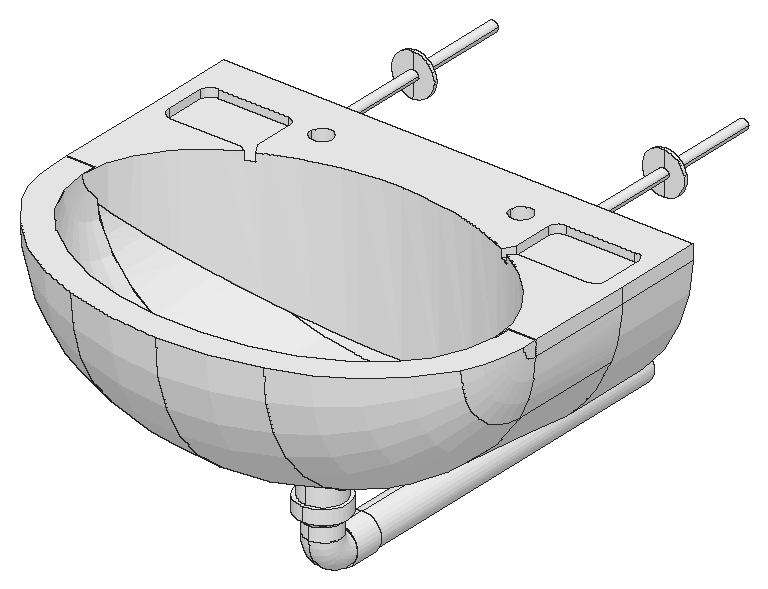
Revit family "NBS_WallgateLtd_WlHngWshBsns_SHB-05", category Plumbing Fixtures, Revit 2014
Parameters
  Weight = "16.0 kg"
  WaterSupplyOverflowAndWasteHolesWaterSupply = "n/a"
  WaterSupplyOverflowAndWasteHolesWaste = "n/a"
  WaterSupplyOverflowAndWasteHolesOverflow = "n/a"
  WastePipeRequired [instance] = yes
  WashHandBasinType = "HandRinse"
  WashHandBasinMounting = "WallHung"
  WashBasinMaterial = NBS_Concept
  WarrantyStartDate [instance] = "1900-12-31T23:59:59"
  WarrantyGuarantorParts = "n/a"
  WarrantyGuarantorLabor = "n/a"
  WarrantyDurationUnit = "year"
  WarrantyDurationParts = "1"
  WarrantyDurationLabor = "n/a"
  WarrantyDescription = "n/a"
  WallThicknessOptions = "<150 mm"
  WallThicknessCalc [instance] = if(WallThickness > MaximumWallThickness, MaximumWallThickness, WallThickness)  # 100 mm
  WallThickness [instance] = 100 mm
  Version = "1"  # constant formula
  Uniclass2 = "45-31-79/494"
  TagNumber [instance] = "n/a"
  SustainabilityPerformance = "n/a"
  SurfaceSpreadOfFlame = "Class 0 (BS 476-6), Class 1 (BS 476-7)"
  Standard = "BS EN 14688"
  Size = "470 x 380 x 201 mm"
  Shape = "n/a"
  SerialNumber [instance] = "n/a"
  Revision = "n/a"
  ReplacementCost = "n/a"
  ProductInformation = "www.wallgate.com/products/wash-basins/shb-basin-range"
  NominalWidth = 470 mm
  NominalLength = 0 mm
  NominalHeight = 201 mm
  NominalDepth = 380 mm
  Name = "WallHungWashBasins_SHB-05_WallgateLtd"
  NBSTypeID = "n/a"
  NBSReference = "45-35-70/369"
  NBSOfficeMasterTag = "n/a"
  NBSNote = "n/a"
  NBSDescription = "Wall hung wash basins"
  NBSCertification = "www.nationalbimlibrary.com/cert/ayemhdxw"
  ModelReference = "n/a"
  ModelNumber = "SHB-05"
  MaximumWallThickness [instance] = 150 mm
  Material = "High-grade solid surface"
  ManufacturerURL = "www.wallgate.com"
  ManufacturerName = "Wallgate Ltd"  # constant formula
  Manufacturer = "sales@wallgate.com"
  IntegralAccessoryOptions = "WT38 Tap Ware, BWN Deck Mounted Basin Water Nozzle, WDC Electronic Controllers, PBA Piezo Touch Buttons, PBA-IR Infra-Red Activation Sensors, WVPB Basin Water Valve Pack, MV0001 Thermostatic Mixer Valve, MBS Manifold"
  IntegralAccessories = "Two tapholes"
  InstallationDate [instance] = "1900-12-31T23:59:59"
  IfcExportType = "WASHHANDBASIN"  # constant formula
  IfcExportAs = "IfcSanitaryTerminalType"  # constant formula
  Grade = "n/a"
  Form = "Wall hung wash basin"
  FixingMaterial = NBS_Concept
  Finish = "n/a"
  Features = "Hygienic and easily cleaned, highly vandal-resistant"
  ExpectedLife = "n/a"
  DurationUnit = "year"
  Durability = "Compliant to Grade 5"
  DrainSize = 32 mm
  Description = "Anti-vandal solid surface basin with through wall fixings"
  Constituents = "n/a"
  ConnectingDimensions = "To BS EN 31"
  ColourOptions = "MA - Thames, MAH - Frost, MAW - White, MC - Bluestone, MCA - Aubergine, MCB - Diamantina, MCC - Black, MCD - Orange, MCE - Pink, MO - Slate, MS - Hyco, MCJ - Light Grey, MCF - NHS Blue"
  Color = "n/a"
  CodePerformance = "n/a"
  Category = "n/a"
  BarCode [instance] = "n/a"
  BIMObjectName = "NBS_WallgateLtd_WallHungWashBasins_SHB-05"
  Author = "NBS"  # constant formula
  AssetType = "Fixed"
  AssetIdentifier [instance] = "n/a"
  AccessibilityPerformance = "n/a"
Reference planes
  plane 1 "Center (Front/Back)": y = 0
  plane 2: z = 0
  plane 3 "Center (Left/Right)": x = 0
  plane 4: y = 100
  plane 5: y = 110.88
  plane 6: y = -46.5
Forms (mm)
  Extrusion 1, solid, material "NBS_Concept" <- "WashBasinMaterial"
    sketch origin (0, 0, 0) x (1, 0, 0) y (0, 0, 1)
      loop
        arc (-159.983, -150) -> (-112.327, -167.658) -> (-62.581, -178.058) r 341.994
        arc (-62.581, -178.058) -> (0, -182.186) -> (62.581, -178.058) r 476.444
        arc (62.581, -178.058) -> (112.327, -167.658) -> (159.983, -150) r 341.994
        arc (159.983, -150) -> (214.168, -92.078) -> (234.995, -15.545) r 164.695
        line (234.995, -15.545) -> (234.983, 0) -> (207.508, 0) -> (207.508, -15.5)
        spline (207.508, -15.5) -> (200.437, -51.734) -> (179.708, -85.498) -> (146.733, -114.493) -> (103.76, -136.741) -> (53.716, -150.726) -> (0.012, -155.496) -> (-53.692, -150.726) -> (-103.736, -136.741) -> (-146.709, -114.493) -> (-179.683, -85.498) -> (-200.413, -51.734) -> (-207.483, -15.5)
        line (-207.483, -15.5) -> (-207.483, 0) -> (-234.983, 0) -> (-234.995, -15.545)
        arc (-234.995, -15.545) -> (-214.168, -92.078) -> (-159.983, -150) r 164.695
    from 0 to 89.452
  Revolve 2, solid, material "NBS_Concept" <- "WashBasinMaterial"
    sketch origin (0, 0, 0) x (1, 0, 0) y (0, 1, 0)
      loop
        arc (-220.157, -271.886) -> (-167.211, -330.401) -> (-96.369, -365.168) r 209.421
        arc (-96.369, -365.168) -> (-48.741, -376.169) -> (0, -379.875) r 323.749
        arc (0, -379.875) -> (48.741, -376.169) -> (96.369, -365.168) r 323.749
        arc (96.369, -365.168) -> (167.211, -330.401) -> (220.157, -271.886) r 209.421
        arc (220.157, -271.886) -> (230.915, -243.025) -> (234.995, -212.496) r 137.853
        line (234.995, -212.496) -> (234.995, -196.996) -> (207.508, -196.996) -> (207.508, -212.496)
        spline (207.508, -212.496) -> (200.438, -248.729) -> (179.709, -282.494) -> (146.734, -311.488) -> (103.76, -333.737) -> (53.716, -347.722) -> (0.012, -352.493) -> (-53.692, -347.722) -> (-103.736, -333.737) -> (-146.709, -311.488) -> (-179.684, -282.494) -> (-200.413, -248.729) -> (-207.483, -212.496)
        line (-207.483, -212.496) -> (-207.483, -196.996) -> (-234.995, -196.996) -> (-234.995, -212.496)
        arc (-234.995, -212.496) -> (-230.915, -243.025) -> (-220.157, -271.886) r 137.853
      axis (234.995, -196.996) -> (-234.995, -196.996)
    angle from 0 to 90
  Blend 3, solid, material "NBS_Concept" <- "WashBasinMaterial"
    base sketch origin (0, 0, 0) x (-1, 0, 0) y (0, 0, 1)
      loop
        arc (-234.995, -15.545) -> (-231.851, -44.074) -> (-223.802, -71.623) r 164.695
        arc (-223.802, -71.623) -> (-198.054, -115.828) -> (-159.983, -150) r 164.695
        arc (-159.983, -150) -> (-112.327, -167.658) -> (-62.581, -178.058) r 341.994
        arc (-62.581, -178.058) -> (0, -182.186) -> (62.581, -178.058) r 476.444
        arc (62.581, -178.058) -> (112.327, -167.658) -> (159.983, -150) r 341.994
        arc (159.983, -150) -> (214.168, -92.078) -> (234.995, -15.545) r 164.695
        line (234.995, -15.545) -> (234.983, 0) -> (207.483, 0) -> (207.483, -15.5)
        spline (207.483, -15.5) -> (200.413, -51.734) -> (179.683, -85.498) -> (146.709, -114.493) -> (103.736, -136.741) -> (53.692, -150.726) -> (-0.012, -155.496) -> (-53.716, -150.726) -> (-103.76, -136.741) -> (-146.733, -114.493) -> (-179.708, -85.498) -> (-200.437, -51.734) -> (-207.508, -15.5)
        line (-207.508, -15.5) -> (-207.508, 0) -> (-234.983, 0) -> (-234.995, -15.545)
    top sketch origin (0, 0, 0) x (-1, 0, 0) y (0, 0, 1)
      loop
        line (-234.995, 0) -> (-234.995, -15.5)
        arc (-234.995, -15.5) -> (-230.915, -46.029) -> (-220.157, -74.891) r 137.853
        arc (-220.157, -74.891) -> (-167.211, -133.405) -> (-96.369, -168.172) r 209.421
        arc (-96.369, -168.172) -> (-48.741, -179.173) -> (0, -182.879) r 323.749
        arc (0, -182.879) -> (48.741, -179.173) -> (96.369, -168.172) r 323.749
        arc (96.369, -168.172) -> (167.211, -133.405) -> (220.157, -74.891) r 209.421
        arc (220.157, -74.891) -> (230.915, -46.029) -> (234.995, -15.5) r 137.853
        line (234.995, -15.5) -> (234.995, 0) -> (207.483, 0) -> (207.483, -15.5)
        spline (207.483, -15.5) -> (200.413, -51.734) -> (179.683, -85.498) -> (146.709, -114.493) -> (103.736, -136.741) -> (53.692, -150.726) -> (-0.012, -155.496) -> (-53.716, -150.726) -> (-103.76, -136.741) -> (-146.733, -114.493) -> (-179.708, -85.498) -> (-200.437, -51.734) -> (-207.508, -15.5)
        line (-207.508, -15.5) -> (-207.508, 0) -> (-234.995, 0)
    from -89.452 to -196.996
  Extrusion 4, solid, material "NBS_Concept" <- "WashBasinMaterial"
    sketch origin (0, 0, 0) x (1, 0, 0) y (0, 1, 0)
      loop
        line (207.508, -212.496) -> (207.508, -196.996) -> (207.508, 0) -> (-207.483, 0) -> (-207.483, -196.996) -> (-207.483, -212.496)
        spline (-207.483, -212.496) -> (-200.413, -176.262) -> (-179.684, -142.497) -> (-146.709, -113.503) -> (-103.736, -91.255) -> (-53.692, -77.269) -> (0.012, -72.498) -> (53.716, -77.269) -> (103.76, -91.255) -> (146.734, -113.503) -> (179.709, -142.497) -> (200.438, -176.262) -> (207.508, -212.496)
    from -186.043 to 0
  Extrusion 5, void
    sketch origin (0, 0, 0) x (1, 0, 0) y (0, 0, 1)
      loop
        line (-207.483, -186.043) -> (207.508, -186.043) -> (207.508, -75)
        arc (207.508, -75) -> (0.012, -167.5) -> (-207.483, -75) r 278.977
        line (-207.483, -75) -> (-207.483, -186.043)
    from 0 to 250
  Extrusion 6, void
    sketch origin (0, 0, 0) x (1, 0, 0) y (0, 1, 0)
      loop
        line (-129.528, -89.531) -> (-129.528, -50.318)
        arc (-129.528, -50.318) -> (-132.147, -42.743) -> (-139.488, -39.524) r 10
        line (-139.488, -39.524) -> (-208.373, -39.524)
        arc (-208.373, -39.524) -> (-216.154, -42.002) -> (-219.494, -49.453) r 10
        line (-219.494, -49.453) -> (-219.494, -88.667)
        arc (-219.494, -88.667) -> (-216.875, -96.242) -> (-209.534, -99.46) r 10
        line (-209.534, -99.46) -> (-139.535, -99.46) -> (-124.429, -109.524)
        spline (-124.429, -109.524) -> (-123.995, -109.295) -> (-123.56, -109.066) -> (-123.125, -108.838) -> (-122.688, -108.611) -> (-122.251, -108.385) -> (-121.813, -108.16) -> (-121.374, -107.935) -> (-120.934, -107.711) -> (-120.493, -107.488) -> (-120.051, -107.266) -> (-119.609, -107.045) -> (-119.165, -106.824)
        line (-119.165, -106.824) -> (-129.528, -89.531)
      loop
        spline (118.259, -108.377) -> (118.636, -108.564) -> (119.013, -108.752) -> (119.389, -108.941) -> (119.764, -109.13) -> (120.139, -109.319) -> (120.513, -109.51) -> (120.886, -109.701) -> (121.259, -109.892) -> (121.631, -110.084) -> (122.002, -110.276) -> (122.373, -110.469) -> (122.743, -110.663)
        line (122.743, -110.663) -> (139.56, -99.46) -> (209.558, -99.46)
        arc (209.558, -99.46) -> (216.899, -96.242) -> (219.519, -88.667) r 10
        line (219.519, -88.667) -> (219.519, -49.453)
        arc (219.519, -49.453) -> (216.178, -42.002) -> (208.397, -39.524) r 10
        line (208.397, -39.524) -> (139.512, -39.524)
        arc (139.512, -39.524) -> (132.171, -42.743) -> (129.552, -50.318) r 10
        line (129.552, -50.318) -> (129.552, -89.531) -> (118.259, -108.377)
    from 0 to -8
  Revolve 7, void
    sketch origin (0, 0, 0) x (0, 1, 0) y (0, 0, 1)
      loop
        line (-170, -154.061) -> (-170, -201.043) -> (-147, -201.043) -> (-147, -154.061) -> (-170, -154.061)
      axis (-170, -154.061) -> (-170, -201.043)
    angle from 0 to 360
  Revolve 8, solid, material "NBS_Concept" <- "FixingMaterial", visible <- "WastePipeRequired"
    sketch origin (0, 0, 0) x (0, 1, 0) y (0, 0, 1)
      loop
        line (-149, -233.051) -> (-149, -175.846) -> (-170, -175.846) -> (-170, -266.88) -> (-152.5, -266.88) -> (-152.5, -251.051) -> (-150.25, -251.051)
        arc (-150.25, -251.051) -> (-149.189, -250.611) -> (-148.75, -249.551) r 1.5
        line (-148.75, -249.551) -> (-148.75, -246.801) -> (-145, -246.801) -> (-145, -233.051) -> (-149, -233.051)
      axis (-170, -175.846) -> (-170, -266.88)
    angle from 0 to 360
  Revolve 9, solid, material "NBS_Concept" <- "FixingMaterial", visible <- "WastePipeRequired"
    sketch origin (0, 0, 0) x (0, 1, 0) y (0, 0, 1)
      loop
        line (223.082, -270.5) -> (-120.833, -270.5) -> (-120.833, -269.25) -> (-149.167, -269.25) -> (-149.167, -288) -> (223.082, -288) -> (223.082, -270.5)
      axis (223.082, -288) -> (-149.167, -288)
    angle from 0 to 360
  Sweep 10, solid, material "NBS_Concept" <- "FixingMaterial", visible <- "WastePipeRequired"
    path origin (0, 0, 0) x (0, 1, 0) y (0, 0, 1)
      loop
        arc (-149.167, -288) -> (-164.101, -281.814) -> (-170.287, -266.88) r 21.12
    profile origin (0, -170.287, -266.88) x (0, -1, 0) y (1, 0, 0)
      loop
        circle (-0.287, 0) r 17.5
  Extrusion 11, solid, material "NBS_Concept" <- "FixingMaterial"
    sketch origin (234.995, 0, 0) x (-1, 0, 0) y (0, 0, 1)
      loop
        circle (109.517, -19) r 5
      loop
        circle (360.507, -19) r 5
      loop
        circle (234.012, -155.5) r 5
    from 0 to 200
  Revolve 12, solid, material "NBS_Concept" <- "FixingMaterial", detail levels fine
    sketch origin (-125.512, -50, 6) x (0, 1, 0) y (0, 0, 1)
      loop
        line (160.88, -33.5) -> (160.88, -30) -> (150, -30) -> (150, -46.25) -> (152.72, -46.25) -> (152.72, -33.5) -> (160.88, -33.5)
      axis (160.88, -25) -> (150, -25)
    angle from 0 to 360
  Revolve 13, solid, material "NBS_Concept" <- "FixingMaterial", detail levels fine
    sketch origin (125.478, -50, 6) x (0, 1, 0) y (0, 0, 1)
      loop
        line (160.88, -33.5) -> (160.88, -30) -> (150, -30) -> (150, -46.25) -> (152.72, -46.25) -> (152.72, -33.5) -> (160.88, -33.5)
      axis (160.88, -25) -> (150, -25)
    angle from 0 to 360
  Revolve 14, solid, material "NBS_Concept" <- "FixingMaterial", detail levels fine
    sketch origin (0.983, -50, -130.5) x (0, 1, 0) y (0, 0, 1)
      loop
        line (160.88, -33.5) -> (160.88, -30) -> (150, -30) -> (150, -46.25) -> (152.72, -46.25) -> (152.72, -33.5) -> (160.88, -33.5)
      axis (160.88, -25) -> (150, -25)
    angle from 0 to 360
  Blend 15, solid, material "NBS_Concept" <- "WashBasinMaterial"
    base sketch origin (0, -170, -201.043) x (1, 0, 0) y (0, 0, -1)
      loop
        line (38.704, -7.061) -> (-38.704, -7.061)
        arc (-38.704, -7.061) -> (-49.052, -17.408) -> (-62.581, -22.985) r 37.35
        line (-62.581, -22.985) -> (-62.581, -44.982) -> (62.581, -44.982) -> (62.581, -22.985)
        arc (62.581, -22.985) -> (49.052, -17.408) -> (38.704, -7.061) r 37.35
    top sketch origin (0, -170, -201.043) x (1, 0, 0) y (0, 0, -1)
      loop
        line (62.581, -44.982) -> (62.581, -22.985)
        arc (62.581, -22.985) -> (49.052, -17.408) -> (38.704, -7.061) r 37.35
        line (38.704, -7.061) -> (35, 0) -> (-35, 0) -> (-38.704, -7.061)
        arc (-38.704, -7.061) -> (-49.052, -17.408) -> (-62.581, -22.985) r 37.35
        line (-62.581, -22.985) -> (-62.581, -44.982) -> (62.581, -44.982)
    from 170 to 0
  Revolve 16, solid, material "NBS_Concept" <- "WashBasinMaterial"
    sketch origin (0, -170, -201.043) x (1, 0, 0) y (0, 0, -1)
      loop
        line (23, 0) -> (23, -18.989)
        arc (23, -18.989) -> (42.872, -21.029) -> (62.581, -24.29) r 323.749
        line (62.581, -24.29) -> (62.581, -22.985)
        arc (62.581, -22.985) -> (49.052, -17.408) -> (38.704, -7.061) r 37.35
        line (38.704, -7.061) -> (35, 0) -> (23, 0)
      axis (0, -24.29) -> (0, 0)
    angle from 180 to 0
  Extrusion 17, void
    sketch origin (0, 0, 0) x (1, 0, 0) y (0, 1, 0)
      loop
        circle (-100, -46.5) r 11
      loop
        circle (100, -46.5) r 11
    from -233.051 to 0
Cuts and joins
  Extrusion 6, Revolve 7, Extrusion 17 cuts Extrusion 1
  Extrusion 6, Revolve 7, Extrusion 17 cuts Blend 3
  Extrusion 5, Extrusion 6, Revolve 7, Extrusion 17 cuts Extrusion 4
  Revolve 7, Extrusion 17 cuts Blend 15
  Extrusion 17 cuts Revolve 16
  joined: Extrusion 1, Blend 3, Extrusion 4, Blend 15, Revolve 16
  joined: Revolve 8, Revolve 9, Sweep 10
  joined: Revolve 12, Revolve 13, Revolve 14
Lines and regions (mm)
  Masking region 1
    outline origin (-755.012, 0, 0) x (1, 0, 0) y (0, 1, 0)
      loop
        line (520.017, 0) -> (520.017, -212.496)
        spline (520.017, -212.496) -> (528.024, -255.847) -> (551.5, -296.244) -> (588.846, -330.933) -> (637.515, -357.552) -> (694.191, -374.285) -> (755.012, -379.992) -> (815.833, -374.285) -> (872.51, -357.552) -> (921.179, -330.933) -> (958.524, -296.244) -> (982, -255.847) -> (990.007, -212.496)
        line (990.007, -212.496) -> (990.007, 0) -> (520.017, 0)
      loop
        circle (655.012, -46.5) r 11
      loop
        circle (855.012, -46.5) r 11
  Masking region 2
    outline origin (0, 0, -620) x (0, 1, 0) y (0, 0, 1)
      loop
        line (0, 620) -> (-364.875, 620)
        arc (-364.875, 620) -> (-376.135, 614.909) -> (-379.753, 603.092) r 15
        spline (-379.753, 603.092) -> (-375.628, 585.669) -> (-369.597, 568.596) -> (-361.715, 552.03) -> (-352.055, 536.123) -> (-340.706, 521.021) -> (-327.771, 506.864) -> (-313.37, 493.78) -> (-297.635, 481.892) -> (-280.71, 471.306) -> (-262.752, 462.122) -> (-243.924, 454.423) -> (-224.401, 448.281)
        arc (-224.401, 448.281) -> (-210.436, 436.44) -> (-205, 418.957) r 32.778
        line (-205, 418.957) -> (-135.939, 418.957) -> (0, 426.081) -> (0, 620)
  Masking region 3
    outline origin (-770, 0, 0) x (1, 0, 0) y (0, 0, 1)
      loop
        line (1004.983, 0) -> (535.017, 0)
        arc (535.017, 0) -> (552.099, -85.209) -> (610.017, -150) r 165.415
        arc (610.017, -150) -> (657.673, -167.658) -> (707.419, -178.058) r 341.994
        arc (707.419, -178.058) -> (724.16, -186.036) -> (735, -201.082) r 37.35
        line (735, -201.082) -> (805, -201.082)
        arc (805, -201.082) -> (815.84, -186.036) -> (832.581, -178.058) r 37.35
        arc (832.581, -178.058) -> (882.327, -167.658) -> (929.983, -150) r 341.994
        arc (929.983, -150) -> (952.734, -132.237) -> (972.051, -110.789) r 165.415
        arc (972.051, -110.789) -> (998.508, -58.365) -> (1004.983, 0) r 165.415
  symbolic lines
    curve 1: arc (-62.564, 0, -178.058) -> (0.017, 0, -181.607) -> (62.598, 0, -178.058) r 553.559
    curve 2: arc (0, -364.875, 0) -> (0, -376.135, -5.091) -> (0, -379.753, -16.908) r 15
  symbolic lines, style "PlumbingFixtures"
    curve 3: spline (-207.496, -212.496, 0) -> (-200.425, -248.729, 0) -> (-179.697, -282.494, 0) -> (-146.722, -311.488, 0) -> (-103.748, -333.737, 0) -> (-53.704, -347.722, 0) -> (0, -352.493, 0) -> (53.704, -347.722, 0) -> (103.748, -333.737, 0) -> (146.722, -311.488, 0) -> (179.697, -282.494, 0) -> (200.425, -248.729, 0) -> (207.496, -212.496, 0) -> (200.425, -176.262, 0) -> (179.697, -142.497, 0) -> (146.722, -113.503, 0) -> (103.748, -91.255, 0) -> (53.704, -77.269, 0) -> (0, -72.498, 0) -> (-53.704, -77.269, 0) -> (-103.748, -91.255, 0) -> (-146.722, -113.503, 0) -> (-179.697, -142.497, 0) -> (-200.425, -176.262, 0) -> (-207.496, -212.496, 0)
    curve 4: arc (-129.54, -50.318, 0) -> (-132.159, -42.743, 0) -> (-139.5, -39.524, 0) r 10
    curve 5: arc (-208.385, -39.524, 0) -> (-216.166, -42.002, 0) -> (-219.506, -49.453, 0) r 10
    curve 6: arc (-219.506, -88.667, 0) -> (-216.887, -96.242, 0) -> (-209.546, -99.46, 0) r 10
    curve 7: arc (129.54, -50.318, 0) -> (132.159, -42.743, 0) -> (139.5, -39.524, 0) r 10
    curve 8: arc (208.385, -39.524, 0) -> (216.166, -42.002, 0) -> (219.506, -49.453, 0) r 10
    curve 9: arc (219.506, -88.667, 0) -> (216.887, -96.242, 0) -> (209.546, -99.46, 0) r 10
    curve 10: line (-123.322, -99.907, 0) -> (-129.54, -89.531, 0)
    curve 11: line (-129.54, -89.531, 0) -> (-129.54, -50.318, 0)
    curve 12: line (-139.5, -39.524, 0) -> (-208.385, -39.524, 0)
    curve 13: line (-219.506, -49.453, 0) -> (-219.506, -88.667, 0)
    curve 14: line (-209.546, -99.46, 0) -> (-139.547, -99.46, 0)
    curve 15: line (-139.547, -99.46, 0) -> (-132.007, -104.483, 0)
    curve 16: line (123.322, -99.907, 0) -> (129.54, -89.531, 0)
    curve 17: line (129.54, -89.531, 0) -> (129.54, -50.318, 0)
    curve 18: line (139.5, -39.524, 0) -> (208.385, -39.524, 0)
    curve 19: line (219.506, -49.453, 0) -> (219.506, -88.667, 0)
    curve 20: line (209.546, -99.46, 0) -> (139.547, -99.46, 0)
    curve 21: line (139.547, -99.46, 0) -> (132.007, -104.483, 0)
    curve 22: spline (0, -224.401, -171.719) -> (0, -223.336, -172.004) -> (0, -222.27, -172.284) -> (0, -221.203, -172.559) -> (0, -220.134, -172.83) -> (0, -219.064, -173.096) -> (0, -217.992, -173.357) -> (0, -216.919, -173.614) -> (0, -215.845, -173.866) -> (0, -214.77, -174.113) -> (0, -213.693, -174.355) -> (0, -212.615, -174.593) -> (0, -211.536, -174.826)
    curve 23: arc (0, -211.536, -174.826) -> (0, -189.709, -180.105) -> (0, -167.322, -181.88) r 142.092
    curve 24: line (0, -167.322, -181.88) -> (0, 0, -180.954)
Dimensions and locks
  "WallThicknessCalc": plane 1 "Center (Front/Back)" to plane 4
  locked: Revolve 12 sketch curve to Revolve 12 sketch curve at 8.16
  locked: Revolve 12 sketch curve to Revolve 12 sketch curve at 2.72
  locked: Extrusion 11 to plane 1 "Center (Front/Back)" at 200  (x2)
  locked: Revolve 13 sketch curve to Revolve 13 sketch curve at 8.16
  locked: Revolve 13 sketch curve to Revolve 13 sketch curve at 2.72
  locked: plane 5 to plane 4 at 10.88
  locked: Revolve 14 sketch curve to Revolve 14 sketch curve at 8.16
  locked: Revolve 14 sketch curve to Revolve 14 sketch curve at 2.72
  locked: cut or joined group of Revolve 8, Revolve 9, Sweep 10 to plane 4 at 123.082
  locked: plane 6 to plane 1 "Center (Front/Back)" at 46.5
  Extrusion 17 sketch curve to plane 3 "Center (Left/Right)" = 100 mm
  plane 3 "Center (Left/Right)" to Extrusion 17 sketch curve = 100 mm
  aligned and locked: level to plane 2
  aligned and locked: Revolve 12 to plane 4
  aligned and locked: plane 5 to Revolve 12
  aligned and locked: plane 5 to Revolve 13
  aligned and locked: plane 5 to Revolve 14
  aligned and locked: level to Extrusion 17
Automatic sketch dimensions
  curve 1 to plane 3 "Center (Left/Right)" = 62.564 mm
  plane 3 "Center (Left/Right)" to curve 1 = 0.017 mm
  Extrusion 1 sketch curve to level = 0 mm  (x2)
  Extrusion 1 sketch curve to level = 15.545 mm  (x2)
  Extrusion 1 sketch curve to plane 3 "Center (Left/Right)" = 234.995 mm
  Extrusion 1 sketch curve to plane 3 "Center (Left/Right)" = 0 mm
  Extrusion 1 sketch curve to Extrusion 1 sketch curve = 0.012 mm  (x2)
  Extrusion 1 sketch curve to Extrusion 1 sketch curve = 27.499 mm
  plane 3 "Center (Left/Right)" to Extrusion 1 sketch curve = 207.508 mm
  Extrusion 1 sketch curve to Extrusion 1 sketch curve = 27.475 mm
  Extrusion 1 sketch curve to Extrusion 1 sketch curve = 47.501 mm
  Extrusion 1 sketch curve to level = 11.837 mm  (x2)
  Extrusion 1 sketch curve to plane 3 "Center (Left/Right)" = 62.581 mm
  Extrusion 1 sketch curve to Extrusion 1 sketch curve = 0 mm  (x2)
  Extrusion 1 sketch curve to plane 3 "Center (Left/Right)" = 17.66 mm
  plane 3 "Center (Left/Right)" to Extrusion 1 sketch curve = 17.66 mm
  plane 3 "Center (Left/Right)" to Extrusion 1 sketch curve = 62.581 mm
  plane 3 "Center (Left/Right)" to Extrusion 1 sketch curve = 70.342 mm
  Extrusion 1 sketch curve to level = 15.5 mm
  Revolve 2 sketch curve to plane 3 "Center (Left/Right)" = 234.995 mm
  Revolve 2 sketch curve to plane 3 "Center (Left/Right)" = 0 mm
  Revolve 2 sketch curve to Revolve 2 sketch curve = 27.512 mm
  plane 3 "Center (Left/Right)" to Revolve 2 sketch curve = 207.508 mm
  Revolve 2 sketch curve to Revolve 2 sketch curve = 27.487 mm
  Revolve 2 sketch curve to Revolve 2 sketch curve = 12.674 mm
  Revolve 2 sketch curve to plane 3 "Center (Left/Right)" = 97.172 mm
  Revolve 2 sketch curve to plane 3 "Center (Left/Right)" = 96.369 mm
  Revolve 2 sketch curve to plane 3 "Center (Left/Right)" = 41.178 mm
  Revolve 2 sketch curve to plane 3 "Center (Left/Right)" = 0.101 mm
  plane 3 "Center (Left/Right)" to Revolve 2 sketch curve = 0.101 mm
  plane 3 "Center (Left/Right)" to Revolve 2 sketch curve = 41.178 mm
  plane 3 "Center (Left/Right)" to Revolve 2 sketch curve = 96.369 mm
  Revolve 2 sketch curve to Revolve 2 sketch curve = 55.994 mm
  Revolve 2 sketch curve to Revolve 2 sketch curve = 1.276 mm
  Revolve 2 sketch curve to Revolve 2 sketch curve = 66.722 mm
  Revolve 2 sketch curve to Revolve 2 sketch curve = 14.707 mm  (x2)
  Blend 3 sketch curve to Extrusion 1 = 0 mm  (x10)
  Extrusion 1 to Blend 3 sketch curve = 0 mm  (x2)
  Blend 3 sketch curve to Extrusion 1 = 15.5 mm  (x3)
  Blend 3 sketch curve to Extrusion 1 = 27.487 mm
  Blend 3 sketch curve to Extrusion 1 = 27.512 mm
  Blend 3 sketch curve to Extrusion 1 = 12.649 mm
  Blend 3 sketch curve to Extrusion 1 = 12.616 mm  (x2)
  Extrusion 1 to Blend 3 sketch curve = 110.336 mm
  Extrusion 1 to Blend 3 sketch curve = 111.139 mm
  Extrusion 1 to Blend 3 sketch curve = 33.845 mm  (x2)
  Blend 3 sketch curve to Blend 3 sketch curve = 55.994 mm  (x2)
  Blend 3 sketch curve to Blend 3 sketch curve = 41.077 mm
  Blend 3 sketch curve to Blend 3 sketch curve = 96.369 mm  (x2)
  Blend 3 sketch curve to Blend 3 sketch curve = 0.203 mm
  Blend 3 sketch curve to Blend 3 sketch curve = 82.357 mm
  Blend 3 sketch curve to Extrusion 1 = 12.674 mm
  Blend 3 sketch curve to Blend 3 sketch curve = 15.5 mm
  Blend 3 sketch curve to Blend 3 sketch curve = 14.707 mm
  plane 1 "Center (Front/Back)" to Extrusion 4 sketch curve = 0 mm
  Extrusion 4 sketch curve to plane 3 "Center (Left/Right)" = 207.483 mm
  plane 3 "Center (Left/Right)" to Extrusion 4 sketch curve = 207.508 mm
  Extrusion 4 sketch curve to Extrusion 4 sketch curve = 0 mm  (x3)
  Extrusion 5 sketch curve to plane 3 "Center (Left/Right)" = 207.483 mm
  Extrusion 5 sketch curve to level = 75 mm
  plane 3 "Center (Left/Right)" to Extrusion 5 sketch curve = 207.508 mm
  plane 3 "Center (Left/Right)" to Extrusion 5 sketch curve = 0.012 mm
  level to Extrusion 5 sketch curve = 111.477 mm
  Extrusion 6 sketch curve to plane 3 "Center (Left/Right)" = 219.494 mm
  Extrusion 6 sketch curve to Extrusion 6 sketch curve = 9.96 mm  (x3)
  Extrusion 6 sketch curve to Extrusion 6 sketch curve = 11.121 mm
  Extrusion 6 sketch curve to Extrusion 6 sketch curve = 69.999 mm
  Extrusion 6 sketch curve to Extrusion 6 sketch curve = 0.047 mm
  Extrusion 6 sketch curve to Extrusion 6 sketch curve = 10.008 mm  (x2)
  Extrusion 6 sketch curve to Extrusion 6 sketch curve = 15.106 mm
  Extrusion 6 sketch curve to Extrusion 6 sketch curve = 5.264 mm
  plane 3 "Center (Left/Right)" to Extrusion 6 sketch curve = 118.259 mm
  Extrusion 6 sketch curve to Extrusion 6 sketch curve = 4.484 mm
  Extrusion 6 sketch curve to Extrusion 6 sketch curve = 11.293 mm
  Extrusion 6 sketch curve to Extrusion 6 sketch curve = 68.885 mm
  Extrusion 6 sketch curve to Extrusion 6 sketch curve = 1.161 mm
  Extrusion 6 sketch curve to Extrusion 6 sketch curve = 2.539 mm
  Extrusion 6 sketch curve to Extrusion 6 sketch curve = 9.968 mm  (x3)
  Extrusion 6 sketch curve to Extrusion 6 sketch curve = 10 mm
  Extrusion 6 sketch curve to Extrusion 6 sketch curve = 8.338 mm
  Extrusion 6 sketch curve to Extrusion 6 sketch curve = 0.008 mm
  Extrusion 6 sketch curve to plane 3 "Center (Left/Right)" = 4.577 mm
  Extrusion 6 sketch curve to Extrusion 6 sketch curve = 1.121 mm
  Extrusion 6 sketch curve to Extrusion 6 sketch curve = 11.203 mm
  Extrusion 6 sketch curve to Extrusion 6 sketch curve = 10.793 mm  (x2)
  Extrusion 6 sketch curve to Extrusion 6 sketch curve = 9.929 mm  (x4)
  Extrusion 6 sketch curve to Extrusion 6 sketch curve = 39.213 mm  (x4)
  Revolve 7 sketch curve to Revolve 7 sketch curve = 0 mm  (x3)
  Revolve 8 sketch curve to Revolve 8 sketch curve = 2.25 mm
  Revolve 8 sketch curve to Revolve 8 sketch curve = 1.5 mm
  Revolve 8 sketch curve to Revolve 8 sketch curve = 4 mm
  Revolve 8 sketch curve to Revolve 8 sketch curve = 15.829 mm
  Revolve 8 sketch curve to Revolve 8 sketch curve = 2.75 mm
  Revolve 8 sketch curve to Revolve 8 sketch curve = 13.75 mm
  Revolve 8 sketch curve to Revolve 8 sketch curve = 0 mm
  Revolve 9 sketch curve to Revolve 9 sketch curve = 28.333 mm
  plane 5 to Revolve 9 sketch curve = 112.202 mm
  Revolve 9 sketch curve to Revolve 9 sketch curve = 0 mm  (x3)
  Revolve 9 sketch curve to Revolve 9 sketch curve = 17.5 mm
  Revolve 9 sketch curve to Revolve 9 sketch curve = 18.75 mm
  Sweep 10 sketch curve to Sweep 10 sketch curve = 0 mm  (x2)
  Sweep 10 sketch curve to plane 3 "Center (Left/Right)" = 0 mm
  profile plane to Sweep 10 sketch curve = 17.787 mm
  profile plane to Sweep 10 sketch curve = 0.287 mm
  Extrusion 4 to Extrusion 11 sketch curve = 19 mm  (x2)
  Extrusion 4 to Extrusion 11 sketch curve = 82.03 mm
  Extrusion 4 to Extrusion 11 sketch curve = 30.543 mm
  Extrusion 11 sketch curve to Extrusion 11 sketch curve = 124.495 mm
  Extrusion 11 sketch curve to Extrusion 4 = 81.971 mm
  Revolve 12 sketch curve to plane 4 = 0 mm
  Revolve 12 sketch curve to level = 40.25 mm
  plane 4 to Revolve 12 sketch curve = 1.544 mm
  Revolve 12 sketch curve to plane 5 = 0.234 mm
  Revolve 12 sketch curve to Revolve 12 sketch curve = 12.75 mm
  Revolve 12 sketch curve to Revolve 12 sketch curve = 3.5 mm
  Revolve 12 sketch curve to Revolve 12 sketch curve = 5 mm
  Revolve 13 sketch curve to plane 4 = 0 mm
  Revolve 13 sketch curve to level = 40.25 mm
  plane 4 to Revolve 13 sketch curve = 1.544 mm
  Revolve 13 sketch curve to plane 5 = 0.234 mm
  Revolve 13 sketch curve to Revolve 13 sketch curve = 12.75 mm
  Revolve 13 sketch curve to Revolve 13 sketch curve = 3.5 mm
  Revolve 13 sketch curve to Revolve 13 sketch curve = 5 mm
  Revolve 14 sketch curve to plane 4 = 0 mm
  plane 4 to Revolve 14 sketch curve = 1.544 mm
  Revolve 14 sketch curve to plane 5 = 0.234 mm
  Revolve 14 sketch curve to Revolve 14 sketch curve = 3.5 mm
  Revolve 14 sketch curve to Revolve 14 sketch curve = 5 mm
  Blend 3 sketch curve to Blend 3 sketch curve = 0 mm  (x2)
  Blend 3 sketch curve to Extrusion 1 = 16.294 mm
  Blend 15 sketch curve to Blend 15 sketch curve = 23.877 mm  (x4)
  Blend 15 sketch curve to Blend 15 sketch curve = 21.997 mm  (x4)
  Blend 15 sketch curve to Blend 15 sketch curve = 3.704 mm  (x2)
  Blend 15 sketch curve to Blend 15 sketch curve = 31.072 mm
  Blend 15 sketch curve to plane 3 "Center (Left/Right)" = 62.581 mm  (x2)
  plane 3 "Center (Left/Right)" to Blend 15 sketch curve = 38.704 mm
  plane 3 "Center (Left/Right)" to Blend 15 sketch curve = 35 mm
  Blend 15 sketch curve to Blend 15 sketch curve = 7.195 mm  (x3)
  Blend 15 sketch curve to Blend 15 sketch curve = 7.061 mm  (x2)
  Revolve 16 sketch curve to plane 3 "Center (Left/Right)" = 0 mm
  Revolve 16 sketch curve to Revolve 16 sketch curve = 3.704 mm
  Revolve 16 sketch curve to Revolve 16 sketch curve = 12 mm
  Revolve 16 sketch curve to Revolve 16 sketch curve = 23.877 mm
  Revolve 16 sketch curve to Revolve 16 sketch curve = 7.061 mm
  Revolve 16 sketch curve to Revolve 16 sketch curve = 1.305 mm
  plane 3 "Center (Left/Right)" to Revolve 16 sketch curve = 23 mm
  Revolve 16 sketch curve to plane 3 "Center (Left/Right)" = 0.101 mm
  curve 13 to curve 14 = 9.96 mm
  curve 13 to curve 12 = 11.121 mm
  curve 6 to curve 14 = 69.999 mm
  plane 1 "Center (Front/Back)" to curve 12 = 39.524 mm
  curve 14 to curve 12 = 0.047 mm
  curve 14 to curve 10 = 10.008 mm
  curve 17 to curve 18 = 9.96 mm
  curve 16 to curve 21 = 10.008 mm
  plane 1 "Center (Front/Back)" to curve 18 = 39.524 mm
  curve 7 to curve 18 = 68.885 mm
  curve 18 to curve 20 = 1.161 mm
  curve 18 to curve 19 = 11.121 mm
  curve 13 to curve 6 = 9.968 mm
  curve 5 to curve 12 = 1.121 mm
  curve 4 to curve 11 = 9.968 mm
  curve 14 to curve 15 = 7.54 mm
  curve 15 to curve 10 = 8.685 mm
  curve 17 to curve 7 = 9.968 mm
  curve 18 to curve 8 = 1.121 mm
  curve 9 to curve 19 = 9.968 mm
  curve 14 to curve 12 = 59.936 mm
  curve 16 to curve 17 = 10.376 mm
  curve 14 to curve 13 = 10.793 mm
  curve 9 to curve 19 = 10.793 mm
  curve 17 to curve 18 = 10.793 mm
  curve 11 to curve 4 = 10.793 mm
  curve 19 to curve 18 = 9.929 mm
  curve 13 to curve 12 = 9.929 mm
  plane 3 "Center (Left/Right)" to curve 16 = 129.54 mm
  curve 16 to curve 16 = 6.218 mm
  curve 21 to curve 21 = 7.54 mm
  plane 1 "Center (Front/Back)" to Masking region 1 sketch curve = 0 mm
  Masking region 1 sketch curve to plane 3 "Center (Left/Right)" = 234.995 mm
  Masking region 1 sketch curve to Masking region 1 sketch curve = 234.995 mm
  curve 6 to curve 3 = 2.05 mm
  Masking region 2 sketch curve to plane 1 "Center (Front/Back)" = 0 mm
  Masking region 2 sketch curve to Masking region 2 sketch curve = 193.919 mm
  Masking region 2 sketch curve to Masking region 2 sketch curve = 14.878 mm
  Masking region 2 sketch curve to Masking region 2 sketch curve = 16.908 mm
  Masking region 2 sketch curve to Masking region 2 sketch curve = 15.998 mm
  Masking region 2 sketch curve to Masking region 2 sketch curve = 22.2 mm
  Masking region 2 sketch curve to Masking region 2 sketch curve = 29.927 mm
  Masking region 2 sketch curve to level = 201.043 mm
  curve 23 to curve 22 = 43.551 mm
  curve 24 to curve 23 = 7.054 mm
  level to curve 1 = 371.952 mm
  Masking region 3 sketch curve to level = 0 mm
  plane 3 "Center (Left/Right)" to Masking region 3 sketch curve = 234.983 mm
  Masking region 3 sketch curve to Masking region 3 sketch curve = 469.966 mm
  Masking region 3 sketch curve to level = 11.234 mm  (x2)
  Masking region 3 sketch curve to Masking region 3 sketch curve = 165.033 mm
  Masking region 3 sketch curve to Masking region 3 sketch curve = 0 mm  (x2)
  Masking region 3 sketch curve to Masking region 3 sketch curve = 52.29 mm
  Masking region 3 sketch curve to Masking region 3 sketch curve = 97.402 mm  (x2)
  Masking region 3 sketch curve to Masking region 3 sketch curve = 27.581 mm  (x2)
  Masking region 3 sketch curve to Masking region 3 sketch curve = 70 mm
  Masking region 3 sketch curve to Masking region 3 sketch curve = 34.776 mm
  Masking region 3 sketch curve to Masking region 3 sketch curve = 35.32 mm
  Extrusion 1 sketch curve to plane 3 "Center (Left/Right)" = 70.342 mm
  Revolve 8 sketch curve to Revolve 8 sketch curve = 25.035 mm
  Revolve 14 sketch curve to Revolve 14 sketch curve = 12.75 mm
  Revolve 16 sketch curve to level = 176.753 mm
  Masking region 3 sketch curve to plane 3 "Center (Left/Right)" = 35 mm
  Masking region 3 sketch curve to plane 3 "Center (Left/Right)" = 69.95 mm
  Masking region 3 sketch curve to Masking region 3 sketch curve = 42.068 mm
  curve 24 to level = 181.88 mm
  plane 3 "Center (Left/Right)" to curve 1 = 62.598 mm
  curve 1 to level = 178.058 mm
  Extrusion 1 sketch curve to Extrusion 1 sketch curve = 28.058 mm
  Extrusion 5 sketch curve to level = 186.043 mm
  Revolve 7 sketch curve to level = 201.043 mm
  Revolve 7 sketch curve to Revolve 7 sketch curve = 46.982 mm
  Revolve 8 sketch curve to level = 266.88 mm
  Revolve 8 sketch curve to Revolve 8 sketch curve = 57.205 mm
  Revolve 9 sketch curve to level = 288 mm
  Sweep 10 sketch curve to level = 288 mm
  Revolve 14 sketch curve to level = 176.75 mm
  Blend 15 sketch curve to level = 156.061 mm  (x2)
  Blend 15 sketch curve to Blend 15 sketch curve = 15.924 mm  (x2)
  Revolve 16 sketch curve to level = 182.054 mm
  Revolve 16 sketch curve to Revolve 16 sketch curve = 7.195 mm
  Revolve 16 sketch curve to Revolve 16 sketch curve = 11.929 mm
  Revolve 16 sketch curve to Revolve 16 sketch curve = 29.554 mm
  Revolve 16 sketch curve to Revolve 16 sketch curve = 61.957 mm
  Masking region 3 sketch curve to level = 201.082 mm
  Masking region 3 sketch curve to Masking region 3 sketch curve = 7.195 mm
  Masking region 3 sketch curve to Masking region 3 sketch curve = 13.626 mm  (x2)
  curve 13 to plane 3 "Center (Left/Right)" = 219.506 mm
  plane 1 "Center (Front/Back)" to curve 21 = 99.46 mm
  curve 3 to plane 3 "Center (Left/Right)" = 0 mm
  curve 14 to curve 11 = 9.929 mm
  curve 20 to curve 16 = 9.929 mm
  Revolve 2 sketch curve to Revolve 2 sketch curve = 167.379 mm
  plane 1 "Center (Front/Back)" to Extrusion 6 sketch curve = 110.663 mm
  plane 3 "Center (Left/Right)" to Extrusion 6 sketch curve = 3.76 mm
  plane 1 "Center (Front/Back)" to Extrusion 6 sketch curve = 109.524 mm
  Extrusion 6 sketch curve to Extrusion 6 sketch curve = 10.064 mm
  Revolve 7 sketch curve to Revolve 7 sketch curve = 23 mm
  Revolve 8 sketch curve to Revolve 8 sketch curve = 17.5 mm
  Revolve 8 sketch curve to Revolve 8 sketch curve = 21 mm  (x2)
  Sweep 10 sketch curve to Sweep 10 sketch curve = 21.12 mm
  level to Masking region 2 sketch curve = 3.763 mm
  level to curve 22 = 32.635 mm
  curve 3 to curve 10 = 112.588 mm
  plane 1 "Center (Front/Back)" to Revolve 2 sketch curve = 212.496 mm
  Revolve 2 sketch curve to Revolve 2 sketch curve = 12.649 mm
  Revolve 2 sketch curve to Revolve 2 sketch curve = 0 mm  (x3)
  Revolve 2 sketch curve to Revolve 2 sketch curve = 15.5 mm  (x2)
  Revolve 2 sketch curve to Revolve 2 sketch curve = 59.391 mm  (x2)
  plane 1 "Center (Front/Back)" to Extrusion 4 sketch curve = 196.996 mm  (x2)
  Extrusion 4 sketch curve to Extrusion 4 sketch curve = 15.5 mm
  plane 1 "Center (Front/Back)" to Extrusion 6 sketch curve = 108.377 mm
  Extrusion 6 sketch curve to Extrusion 6 sketch curve = 2.7 mm
  plane 1 "Center (Front/Back)" to Revolve 7 sketch curve = 170 mm
  plane 1 "Center (Front/Back)" to Revolve 8 sketch curve = 170 mm
  plane 1 "Center (Front/Back)" to Revolve 9 sketch curve = 149.167 mm
  plane 1 "Center (Front/Back)" to Sweep 10 sketch curve = 170.287 mm
  plane 1 "Center (Front/Back)" to Masking region 1 sketch curve = 212.496 mm
  Masking region 2 sketch curve to level = 0 mm
  plane 1 "Center (Front/Back)" to Masking region 2 sketch curve = 364.875 mm
  plane 1 "Center (Front/Back)" to Masking region 2 sketch curve = 205 mm
  Masking region 2 sketch curve to Masking region 2 sketch curve = 69.061 mm
  Masking region 2 sketch curve to Masking region 2 sketch curve = 32.773 mm
  curve 24 to plane 1 "Center (Front/Back)" = 0 mm
  curve 24 to level = 180.954 mm
  plane 1 "Center (Front/Back)" to curve 24 = 167.322 mm
  curve 22 to curve 23 = 213.55 mm
  curve 2 to level = 16.908 mm
  curve 22 to curve 2 = 1.119 mm
  curve 22 to curve 24 = 57.079 mm
  curve 22 to curve 23 = 12.865 mm
  curve 2 to level = 0 mm
  curve 2 to curve 2 = 14.878 mm
  Extrusion 17 sketch curve to plane 6 = 0 mm  (x2)
  Masking region 1 sketch curve to plane 6 = 0 mm  (x2)
  Masking region 1 sketch curve to plane 3 "Center (Left/Right)" = 100 mm
  Masking region 1 sketch curve to Masking region 1 sketch curve = 11 mm  (x2)
  Masking region 1 sketch curve to Masking region 1 sketch curve = 0 mm  (x2)
  plane 3 "Center (Left/Right)" to Masking region 1 sketch curve = 100 mm
  radius of Blend 3 sketch curve to Extrusion 1 = 0 mm  (x5)
  radius of Extrusion 11 sketch curve = 5 mm  (x3)
  radius of Extrusion 17 sketch curve = 11 mm  (x2)
Connectors
  piping at (0, 223.082, -288), diameter 32
    settings: on Revolve 9, index 1, connector inside diameter 32 mm, connector length 0 mm, flow factor 0, pipe flow 0.0 L/s, pressure drop 0.0 Pa, fitting loss kfactor 0, connector angle 0.00°, fixture units 0, engagement length 0 mm, angle of deflection 0.00°, flow configuration 0, flow direction 0, fitting loss method 0, system type 7, joint type 0, gender type 0, connector reference index -1, connector utility 0, adjustable connector no, is connector primary yes, connector description ""
  piping at (0, -170, -201.043), diameter 32, driven by "DrainSize"
    settings: on Revolve 16, index 2, connector inside diameter 609.6 mm, connector length 0 mm, flow factor 0, pipe flow 0.0 L/s, pressure drop 0.0 Pa, fitting loss kfactor 0, connector angle 0.00°, fixture units 0, engagement length 0 mm, angle of deflection 0.00°, flow configuration 0, flow direction 0, fitting loss method 0, system type 7, joint type 0, gender type 0, connector reference index -1, connector utility 0, adjustable connector no, is connector primary no, connector description ""
